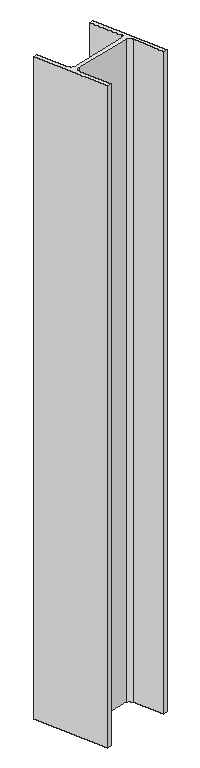
Revit family "CISC HP Shapes-Column", category 구조 기둥, Revit 2026
Family settings
  단면 모양 = 정의되지 않음
  모델 동작 재료 = 스틸
  항상 형상으로 내보내기 = 아니오
  평면의 보 전환 = 경계 상자에서
  로드될 때 보이드를 사용하여 절단 = 아니오
  기호 표현 = 프로젝트 설정에서
  공유 = 아니오
  평면도에서 미리 절단된 패밀리 표시 = 예
Parameters (values of type "HP310X125")
  Assembly Code = ""
  Structural Material [instance] = Metal - Steel - 345 MPa
  A = 0.016 m²
  W = 1.2258
  bf = 312 mm
  d = 312 mm
  k = 32.6 mm
  kr = k - tf  # 15.2 mm
  tf = 17.4 mm
  tw = 17.4 mm
Reference planes
  plane 1: y = 0
  plane 2: z = 0
  plane 3: x = 0
  plane 4: x = -156
  plane 5: x = 156
  plane 6: y = 156
  plane 7: y = -156
  plane 8: x = -3.969
  plane 9: x = 3.969
Forms (mm)
  Extrusion 1, solid, material "Metal - Steel - 345 MPa" <- "Structural Material", detail levels medium
    sketch origin (0, 0, 0) x (1, 0, 0) y (0, 1, 0)
      loop
        line (-156, 156) -> (-156, 138.6) -> (-8.7, 138.6) -> (-8.7, -138.6) -> (-156, -138.6) -> (-156, -156) -> (156, -156) -> (156, -138.6) -> (8.7, -138.6) -> (8.7, 138.6) -> (156, 138.6) -> (156, 156) -> (-156, 156)
    from 0 to 2500
  Extrusion 2, solid, material "Metal - Steel - 345 MPa" <- "Structural Material", detail levels fine
    sketch origin (0, 0, 0) x (1, 0, 0) y (0, 1, 0)
      loop
        line (-156, 156) -> (-156, 138.6) -> (-23.9, 138.6)
        arc (-23.9, 138.6) -> (-13.152, 134.148) -> (-8.7, 123.4) r 15.2
        line (-8.7, 123.4) -> (-8.7, -123.4)
        arc (-8.7, -123.4) -> (-13.152, -134.148) -> (-23.9, -138.6) r 15.2
        line (-23.9, -138.6) -> (-156, -138.6) -> (-156, -156) -> (156, -156) -> (156, -138.6) -> (23.9, -138.6)
        arc (23.9, -138.6) -> (13.152, -134.148) -> (8.7, -123.4) r 15.2
        line (8.7, -123.4) -> (8.7, 123.4)
        arc (8.7, 123.4) -> (13.152, 134.148) -> (23.9, 138.6) r 15.2
        line (23.9, 138.6) -> (156, 138.6) -> (156, 156) -> (-156, 156)
    from 0 to 2500
Lines and regions (mm)
  symbolic lines, style "StructuralColumnStickSymbols", detail levels coarse
    curve 1: line (-156, 156, 0) -> (156, 156, 0)
    curve 2: line (-156, -156, 0) -> (156, -156, 0)
    curve 3: line (0, 156, 0) -> (0, -156, 0)
  symbolic lines, style "Hidden Faces", detail levels medium+fine
    curve 4: line (-3.969, 0, 0) -> (-3.969, 0, 2500)
    curve 5: line (3.969, 0, 2500) -> (3.969, 0, 0)
Dimensions and locks
  equal spacing: plane 4, plane 3, plane 5
  equal spacing: plane 7, plane 1, plane 6
  "d": plane 7 to plane 6
  "bf": plane 4 to plane 5
  "tf": plane 7 to Extrusion 1 sketch curve
  "tf": Extrusion 1 sketch curve to plane 6
  equal spacing: Extrusion 1 sketch curve, plane 3, Extrusion 1 sketch curve
  "tw": Extrusion 1 sketch curve to Extrusion 1 sketch curve
  "kr": radius of Extrusion 2 sketch curve  (x4)
  aligned and locked: plane 6 to Extrusion 1 sketch curve
  aligned and locked: Extrusion 1 sketch curve to plane 7
  aligned and locked: Extrusion 1 sketch curve to plane 4  (x2)
  aligned and locked: plane 5 to Extrusion 1 sketch curve  (x2)
  aligned and locked: Extrusion 1 sketch curve to Extrusion 1 sketch curve  (x2)
  aligned and locked: level to Extrusion 1
  aligned and locked: level to plane 2
  aligned and locked: Extrusion 1 to plane 2
  aligned and locked: plane 6 to Extrusion 2 sketch curve
  aligned and locked: plane 5 to Extrusion 2 sketch curve  (x2)
  aligned and locked: Extrusion 2 sketch curve to plane 4  (x2)
  aligned and locked: Extrusion 2 sketch curve to Extrusion 1  (x6)
  aligned and locked: Extrusion 2 sketch curve to plane 7
  aligned and locked: level to Extrusion 2
  aligned and locked: Extrusion 2 to level
Automatic sketch dimensions
  curve 2 to plane 4 = 0 mm
  curve 1 to plane 4 = 0 mm
  curve 3 to plane 3 = 0 mm
  curve 2 to plane 5 = 0 mm
  curve 1 to plane 5 = 0 mm
  curve 3 to plane 7 = 0 mm
  curve 3 to plane 6 = 0 mm
  curve 4 to level = 0 mm  (x2)
  curve 4 to plane 8 = 0 mm
  curve 5 to level = 0 mm  (x2)
  curve 5 to plane 9 = 0 mm
